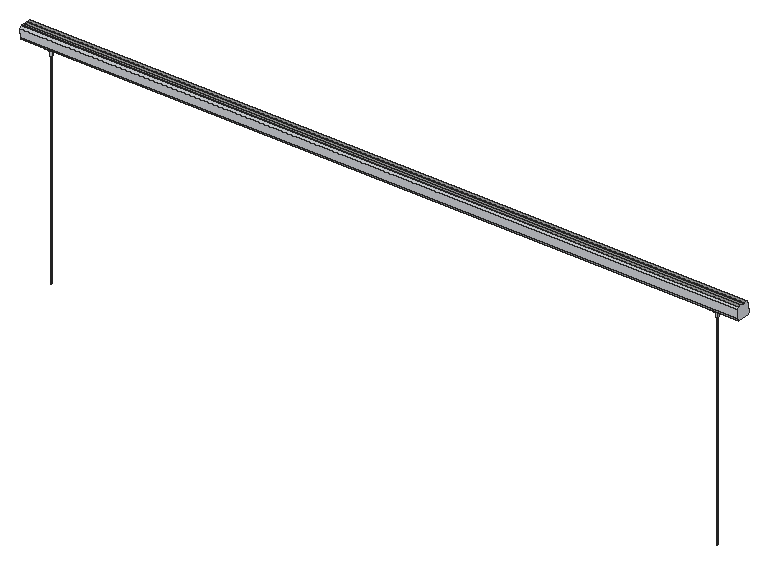
Revit family "0042537 Sylvania Lighting Fixture ISOLINE  3380MM 4K DASY 5C", category Lighting Fixtures, host Face, Revit 2018
Family settings
  Host = Face
  Round Connector Dimension = Use Diameter
  Part Type = Normal
  OmniClass Number = 23.80.70.00
  OmniClass Title = Lighting
  Cut with Voids When Loaded = No
  Light Source = Yes
  Shared = No
  Room Calculation Point = No
Parameters (values of type "0042537 ISOLINE  3380MM 4K DASY 5C")
  suspension height = 1000 mm
  spacer height = 5 mm
  spacer centres = 1000 mm
  height = 58.791 mm
  Width = 62 mm
  Weight = "n/a"
  Wattage Comments = ""
  Wattage = 9.2903 W
  WarrantyStartDate [instance] = "n/a"
  WarrantyGuarantorParts = "n/a"
  WarrantyDurationUnit = "n/a"
  WarrantyDurationParts = ""
  WarrantyDescription = "http://www.sylvania-lighting.com"
  built-in parameter 1150110 = 1 (stored number, unit not read)
  Voltage = 0 V
  URL = "0"
  TypeName = "ISOLINE  3380MM 4K DASY 5C"
  Type Image = <None>
  Type Comments = "n/a"
  built-in parameter 1114217 = 1 (stored number, unit not read)
  Tilt Angle = 90.00°
  built-in parameter 1150109 = 1 (stored number, unit not read)
  built-in parameter 1150134 = 3
  built-in parameter 1150113 = 1 (stored number, unit not read)
  SerialNumber [instance] = "n/a"
  Photometric Web File = "0042537.ies"
  Material_3_FEILO = none
  PowerFactor = 0
  PowerConsumption = "Lighting"
  NominalLength = 62 mm
  NominalHeight = 0 mm
  NominalDepth = 0 mm
  Name = "ISOLINE  3380MM 4K DASY 5C"
  ModelReference = Name  # "ISOLINE  3380MM 4K DASY 5C"
  ModelNumber = "0042537"
  Model = Name  # "ISOLINE  3380MM 4K DASY 5C"
  Material = "Feilo Sylvania"
  ManufacturerName = "145 lm/W"
  Manufacturer = ""
  LuminousEfficacy = ""
  built-in parameter 1150105 = 109.82 (stored number, unit not read)
  Lumens = 1380 lm
  LuminaireType = "0"
  built-in parameter 1150115 = 1 (stored number, unit not read)
  LightOutputRatio = "LED"
  built-in parameter 1150137 = (empty or 0)
  built-in parameter 1150139 = (empty or 0)
  Length = 3380 mm
  LampsType = Lamp  # "n/a"
  LampNominalLuminous = "4000 K"
  LampMacAdamStep = "80"
  LampColourTemperature = "LED"
  LampColourRenderingIndex = "16500"
  built-in parameter 1150112 = 1 (stored number, unit not read)
  built-in parameter 1150114 = 1 (stored number, unit not read)
  Lamp = "n/a"
  Keynote = "n/a"
  InstallationDate [instance] = "n/a"
  InputVoltage = "0"
  InputNominalFrequency = "4000"
  built-in parameter 1150132 = (empty or 0)
  built-in parameter 1150102 = (empty or 0)
  built-in parameter 1150107 = 3200 (stored number, unit not read)
  built-in parameter 1150138 = (empty or 0)
  IngressProtection = "IfcLightFixtureType"
  ImpactProtectionIndex = "IfcLightFixtureType"
  built-in parameter 1150106 = 1.0982 (stored number, unit not read)
  IfcExportType = "IfcLightFixtureType"
  IfcExportAs = "Class I"
  Height = 1000 mm
  ExpectedLife = 50000
  Emit from Circle Diameter = 609.6 mm
  Emit Shape Visible in Rendering = no
  ElectricShockClassification = "145"
  built-in parameter 1150104 = 13.8 (stored number, unit not read)
  DurationUnit = "hours"
  DocumentationLiterature = "http://www.sylvania-lighting.com/product/en-int/products/0042537"
  DimmingControlOptions = "n/a"
  Material_2_FEILO = none
  Dimming Lamp Color Temperature Shift = <None>
  Description = "Isoline LED linear luminaire for industrial and commercial applications. 3380 mm lenght with double asymmetrical optics provide homogenous light distribution for wide, shelf areas. Aluminium housing, RAL 9016. Max + 35 °C operating temperature range, 4000 K, CRI 80, UGR <25, 3 SDMC. 114 W power consumption, 16600 lm luminous flux, 145 lm/W efficacy, 3380 mm x62 mm x 59 mm (L x W x H) dimensions, IP20, IK03, 220-240 V 50/60 Hz, Class I.Lifespan L70:B50 60,000 hours."
  Default Elevation = 1219.2 mm
  CreatedOn = "04/03/2021"
  CreatedBy = "@sylvania-lighting.com"
  Cost = 0
  Color Filter = 16777215
  built-in parameter 1114216 [instance] = (empty or 0)
  ClassificationValue = "EF_70_80"
  ClassificationName = "Uniclass2015"
  Material_1_FEILO = none
  BarCode [instance] = "n/a"
  built-in parameter 1114218 = 1 (stored number, unit not read)
  built-in parameter 1150133 = 10 (stored number, unit not read)
  AssetType = "Fixed"
  AssetIdentifier [instance] = "n/a"
  Assembly Code = "D5020200"
  Apparent Load = 114 VA
  Material_4_FEILO = none
Reference planes
  plane 1 "Center (Front/Back)": y = 0
  plane 2: z = 0
  plane 3 "Center (Left/Right)": x = 0
  plane 4: z = 0
  plane 5: z = 1000
  plane 6: y = 31
  plane 7: y = -31
  plane 8: x = -1690
  plane 9: x = 1690
  plane 10: x = -37.307
  plane 11: x = 55
  plane 12: z = 1058.791
  plane 13: z = 51
  plane 14: y = -27
  plane 15: y = 27
  plane 16: z = 12
  plane 17: y = -24.969
  plane 18: y = 25
  plane 19: y = 12
  plane 20: y = -12
  plane 21: z = 1.634
  plane 22: y = -8
  plane 23: y = 8
  plane 24: x = -1580
  plane 25: x = -1555
  plane 26: x = 1580
  plane 27: x = 1555
  plane 28: z = 995
  plane 29: y = 26.98
  plane 30: y = 16.98
  plane 31: y = -27.027
  plane 32: y = -17.004
  plane 33: z = 996.5
  plane 34: y = 26.002
  plane 35: y = -26.027
  plane 36: through (-1580, 7.965, 1219.2) normal (0.5391, 0.8423, 0)
  plane 37: through (-1555, 7.965, 1219.2) normal (0.5391, -0.8423, 0)
  plane 38: through (1555, 7.965, 1219.2) normal (0.5391, 0.8423, 0)
  plane 39: through (1580, 8, 1219.2) normal (0.5399, -0.8417, 0)
  plane 40: z = 1058.003
  plane 41: z = 1056.819
Forms (mm)
  Extrusion 1, solid, detail levels medium+fine
    sketch origin (-1690, -1523.717, -160.594) x (0, -1, -0.000261) y (0, 0.000261, -1)
      loop
        line (-1493, -1168.2) -> (-1497, -1160.2) -> (-1551, -1160.2) -> (-1555, -1168.2) -> (-1555, -1207.2) -> (-1549.109, -1218.982) -> (-1535.466, -1218.982) -> (-1532, -1217.566) -> (-1516, -1217.566) -> (-1512.511, -1218.991) -> (-1498.896, -1218.991) -> (-1493, -1207.2) -> (-1493, -1168.2)
    from 0 to 3380
  Extrusion 2, solid
    sketch origin (1555, 1524, 1219.189) x (0, 1, 0) y (0, 0, 1)
      loop
        line (-1497.021, -219.189) -> (-1498.02, -219.189) -> (-1507.02, -223.699) -> (-1541.004, -223.699) -> (-1550.017, -219.203) -> (-1551.02, -219.203) -> (-1541.004, -224.2) -> (-1507.02, -224.2) -> (-1497.021, -219.189)
    from 0 to 25
  Extrusion 3, solid
    sketch origin (-1580, 1524, 1219.189) x (0, 1, 0) y (0, 0, 1)
      loop
        line (-1497.021, -219.189) -> (-1498.02, -219.189) -> (-1507.02, -223.699) -> (-1541.004, -223.699) -> (-1550.017, -219.203) -> (-1551.02, -219.203) -> (-1541.004, -224.2) -> (-1507.02, -224.2) -> (-1497.021, -219.189)
    from 0 to 25
  Extrusion 4, solid
    sketch origin (4.2, 0, 0) x (1, 0, 0) y (0, 1, 0)
      loop
        circle (-1571.7, -0.035) r 5
    from 962.277 to 995
  Extrusion 5, solid
    sketch origin (3139.062, 0.065, 0) x (1, 0, 0) y (0, 1, 0)
      loop
        circle (-1571.7, -0.035) r 5
    from 962.277 to 995
  Extrusion 6, solid
    sketch origin (4.2, 0, 0) x (1, 0, 0) y (0, 1, 0)
      loop
        circle (-1571.7, -0.035) r 1.5
    from 0 to 962.277
  Extrusion 7, solid
    sketch origin (3139.076, 0.033, 0) x (1, 0, 0) y (0, 1, 0)
      loop
        circle (-1571.7, -0.035) r 1.5
    from 0 to 977.512
  Extrusion 8, solid, material "Glass, White, High Luminance", detail levels fine
    sketch origin (319, 1524, 1219.2) x (0, 1, 0) y (0, 0, 1)
      loop
        line (-1498.926, -160.099) -> (-1512.703, -160.099) -> (-1516.213, -161.534) -> (-1531.9, -161.534) -> (-1535.47, -160.114) -> (-1549.12, -160.114) -> (-1549.12, -161.197) -> (-1535.782, -161.197) -> (-1532.805, -162.381) -> (-1515.468, -162.381) -> (-1512.929, -161.197) -> (-1498.926, -161.197) -> (-1498.926, -160.099)
    from -2009 to 1371
  Extrusion 9, solid, detail levels coarse
    sketch origin (319, 1524, 1219.2) x (0, 1, 0) y (0, 0, 1)
      loop
        line (-1493, -160.052) -> (-1555, -160.052) -> (-1555, -1219.2) -> (-1493, -1219.2) -> (-1493, -160.052)
    from -2009 to 1371
Dimensions and locks
  "Width": plane 6 to plane 7
  equal spacing: plane 6, plane 1 "Center (Front/Back)", plane 7
  "Length": plane 8 to plane 9
  equal spacing: plane 8, plane 3 "Center (Left/Right)", plane 9
  "height": plane 12 to plane 5
  "suspension height": plane 5 to level
  aligned and locked: host face to plane 2
  aligned and locked: host face to level
Automatic sketch dimensions
  host sketch curve to host sketch curve = 3582.803 mm
  host sketch curve to host sketch curve = 2438.4 mm
  Extrusion 1 sketch curve to plane 29 = 0 mm
  Extrusion 1 sketch curve to plane 6 = 0.033 mm
  Extrusion 1 sketch curve to plane 12 = 11.778 mm
  Extrusion 1 sketch curve to Extrusion 1 sketch curve = 4 mm  (x2)
  Extrusion 1 sketch curve to Extrusion 1 sketch curve = 5.891 mm
  Extrusion 1 sketch curve to Extrusion 1 sketch curve = 13.643 mm
  Extrusion 1 sketch curve to Extrusion 1 sketch curve = 3.466 mm
  Extrusion 1 sketch curve to Extrusion 1 sketch curve = 16 mm
  Extrusion 1 sketch curve to Extrusion 1 sketch curve = 3.489 mm
  Extrusion 1 sketch curve to Extrusion 1 sketch curve = 13.615 mm
  Extrusion 1 sketch curve to Extrusion 1 sketch curve = 54 mm
  Extrusion 1 sketch curve to Extrusion 1 sketch curve = 47 mm
  Extrusion 1 sketch curve to Extrusion 1 sketch curve = 10.366 mm
  Extrusion 1 sketch curve to Extrusion 1 sketch curve = 1.425 mm
  Extrusion 1 sketch curve to Extrusion 1 sketch curve = 11.782 mm
  Extrusion 1 sketch curve to Extrusion 1 sketch curve = 8 mm  (x2)
  Extrusion 2 sketch curve to plane 32 = 0 mm  (x2)
  Extrusion 2 sketch curve to plane 30 = 0 mm  (x2)
  Extrusion 2 sketch curve to plane 5 = 0 mm
  Extrusion 2 sketch curve to plane 35 = 0.01 mm
  Extrusion 2 sketch curve to plane 31 = 0.007 mm
  plane 34 to Extrusion 2 sketch curve = 0.022 mm
  plane 29 to Extrusion 2 sketch curve = 0.001 mm
  Extrusion 2 sketch curve to plane 5 = 0.014 mm
  plane 28 to Extrusion 2 sketch curve = 0.489 mm
  Extrusion 2 sketch curve to plane 28 = 0.011 mm
  Extrusion 3 sketch curve to plane 32 = 0 mm  (x2)
  Extrusion 3 sketch curve to plane 30 = 0 mm  (x2)
  Extrusion 3 sketch curve to plane 5 = 0 mm
  Extrusion 3 sketch curve to plane 35 = 0.01 mm
  Extrusion 3 sketch curve to plane 31 = 0.007 mm
  plane 34 to Extrusion 3 sketch curve = 0.022 mm
  plane 29 to Extrusion 3 sketch curve = 0.001 mm
  Extrusion 3 sketch curve to plane 5 = 0.014 mm
  plane 28 to Extrusion 3 sketch curve = 0.489 mm
  Extrusion 3 sketch curve to plane 28 = 0.011 mm
  Extrusion 4 sketch curve to plane 36 = 0 mm
  plane 37 to Extrusion 4 sketch curve = 0 mm
  Extrusion 5 sketch curve to plane 1 "Center (Front/Back)" = 0.029 mm
  plane 27 to Extrusion 5 sketch curve = 12.362 mm
  Extrusion 6 sketch curve to plane 36 = 0 mm
  plane 37 to Extrusion 6 sketch curve = 0 mm
  plane 1 "Center (Front/Back)" to Extrusion 7 sketch curve = 0.002 mm
  plane 27 to Extrusion 7 sketch curve = 12.376 mm
  Extrusion 8 sketch curve to plane 40 = 0 mm  (x2)
  Extrusion 8 sketch curve to plane 41 = 0 mm
  plane 17 to Extrusion 8 sketch curve = 0.151 mm
  Extrusion 8 sketch curve to plane 20 = 0.218 mm
  plane 12 to Extrusion 8 sketch curve = 0.295 mm
  Extrusion 8 sketch curve to plane 20 = 0.53 mm
  plane 22 to Extrusion 8 sketch curve = 0.805 mm
  Extrusion 8 sketch curve to plane 22 = 0.1 mm
  plane 23 to Extrusion 8 sketch curve = 0.213 mm
  Extrusion 8 sketch curve to plane 23 = 0.532 mm
  plane 19 to Extrusion 8 sketch curve = 0.929 mm
  Extrusion 8 sketch curve to plane 18 = 0.074 mm
  plane 41 to Extrusion 8 sketch curve = 0.848 mm
  plane 19 to Extrusion 8 sketch curve = 0.703 mm
  plane 12 to Extrusion 8 sketch curve = 0.31 mm
  Extrusion 9 sketch curve to plane 7 = 0 mm
  Extrusion 9 sketch curve to plane 6 = 0 mm
  Extrusion 9 sketch curve to plane 33 = 996.5 mm
  plane 12 to Extrusion 9 sketch curve = 0.357 mm
  radius of Extrusion 4 sketch curve = 5 mm
  radius of Extrusion 5 sketch curve = 5 mm
  radius of Extrusion 6 sketch curve = 1.5 mm
  radius of Extrusion 7 sketch curve = 1.5 mm
Connectors
  electrical at (0, -0.02, 1000.004)
    settings: on Extrusion 1, index 1, voltage 0 V, apparent load 0 VA, apparent load phase1 0 VA, apparent load phase2 0 VA, apparent load phase3 0 VA, power factor 1, load classification "Other", number of poles 1, system type 31, power factor state 1, is connector primary yes, connector utility no, sub classification motor no, connector description ""
